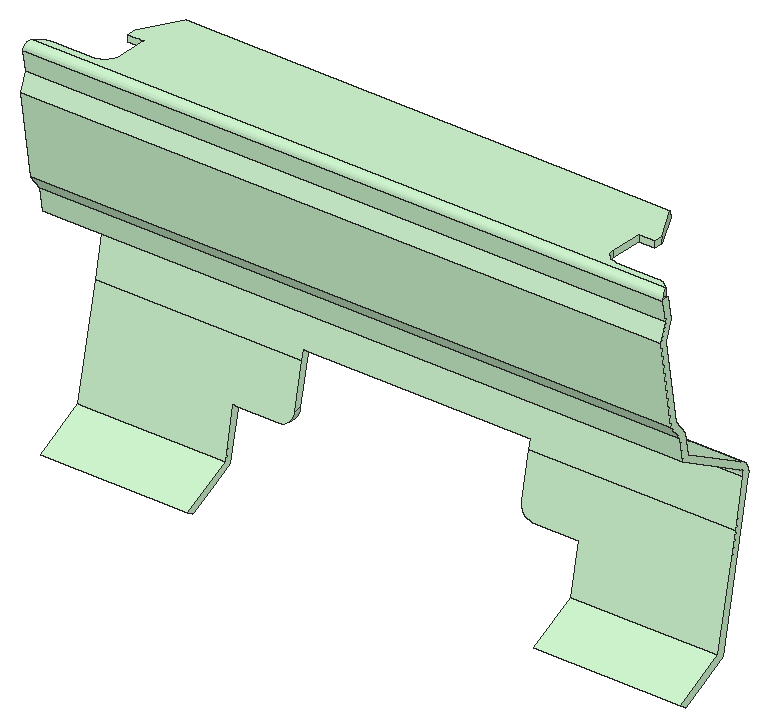
Revit family "spacer_ws75", category 機械設備, Revit 2022
Family settings
  丸型コネクタ寸法 = 直径を使用
  種別 = なし
  パーツ タイプ = 標準
  作業面ベース = いいえ
  常に垂直 = はい
  ロード時にボイドで切り取り = いいえ
  注釈の向きを維持 = いいえ
  共有 = いいえ
  部屋計算ポイント = いいえ
Parameters
  製造元 = "株式会社桐井製作所"
  既定の高さ = 0 mm
  URL = "https://www.kirii.co.jp/"
  K_材質 = "SGCCまたはSGHC　一般用"
  K_品名 = "WS-75スペーサー"
  K_名称 = "スペーサー"
  K_単位質量(kg/個) = 0.032
  K_入数 = "600"
  K_バージョン情報 = "20210524"
  K_めっき付着量 = "Z12"
  K_JIS規格 = "JIS G 3302"
  K_JIS外 [instance] = not(K_JIS)  # no
  K_JIS [instance] = yes
Reference planes
  plane 1 "中心(正面/背面)": y = 0
  plane 2: z = 0
  plane 3 "中心(左/右)": x = 0
Forms (mm)
  Extrusion 1, solid
    sketch origin (0, 0, 0) x (0, 0.987688, 0.156434) y (0, -0.156434, 0.987688)
      loop
        line (0, 0) -> (-10.631, 1.684)
        arc (-10.631, 1.684) -> (-11.276, 1.502) -> (-11.556, 0.894) r 0.8
        line (-11.556, 0.894) -> (-11.556, -1.17) -> (-12.556, -2.902) -> (-12.556, -11.902) -> (-11.556, -13.634) -> (-11.556, -16.134) -> (-4.458, -21.483)
        arc (-4.458, -21.483) -> (-4.17, -21.901) -> (-4.193, -22.408) r 0.8
        line (-4.193, -22.408) -> (-5.984, -27.075) -> (-10.062, -37.698) -> (-15.555, -39.59) -> (-14.96, -40.126) -> (-12.168, -39.164) -> (-9.525, -38.253) -> (-3.539, -22.659)
        arc (-3.539, -22.659) -> (-3.498, -21.708) -> (-4.037, -20.923) r 1.5
        line (-4.037, -20.923) -> (-10.856, -15.785) -> (-10.856, -13.446) -> (-11.856, -11.714) -> (-11.856, -3.089) -> (-10.856, -1.357) -> (-10.856, 1.011) -> (0.274, -0.752) -> (0, 0)
    from -35 to 35
  Extrusion 2, void
    sketch origin (0, 0, 0) x (1, 0, 0) y (0, 1, 0)
      loop
        line (-28.8, -4.947) -> (-28.8, -3.947) -> (-26.5, 0.053) -> (26.5, 0.053) -> (28.8, -3.947) -> (28.8, -4.947) -> (27.05, -4.947) -> (27.05, -8.447)
        arc (27.05, -8.447) -> (27.489, -9.508) -> (28.55, -9.947) r 1.5
        line (28.55, -9.947) -> (33, -9.947)
        arc (33, -9.947) -> (34.414, -10.533) -> (35, -11.947) r 2
        line (35, -11.947) -> (35.8, -11.947) -> (35.8, 0.662) -> (-35.938, 0.662) -> (-35.938, -11.947) -> (-35, -11.947)
        arc (-35, -11.947) -> (-34.414, -10.533) -> (-33, -9.947) r 2
        line (-33, -9.947) -> (-28.55, -9.947)
        arc (-28.55, -9.947) -> (-27.489, -9.508) -> (-27.05, -8.447) r 1.5
        line (-27.05, -8.447) -> (-27.05, -4.947) -> (-28.8, -4.947)
    from -0.7 to 0
  Extrusion 3, void
    sketch origin (0, 0, 0) x (1, 0, 0) y (0, 0, 1)
      loop
        line (-18.9, -48.094) -> (18.9, -48.094) -> (18.9, -33.699) -> (13.9, -33.699)
        arc (13.9, -33.699) -> (12.839, -33.26) -> (12.4, -32.199) r 1.5
        line (12.4, -32.199) -> (12.4, -26.699) -> (-12.4, -26.699) -> (-12.4, -32.199)
        arc (-12.4, -32.199) -> (-12.839, -33.26) -> (-13.9, -33.699) r 1.5
        line (-13.9, -33.699) -> (-18.9, -33.699) -> (-18.9, -48.094)
    from 0.295 to 9.31
Cuts and joins
  Extrusion 2, Extrusion 3 cuts Extrusion 1
Dimensions and locks
  aligned and locked: level to plane 2
